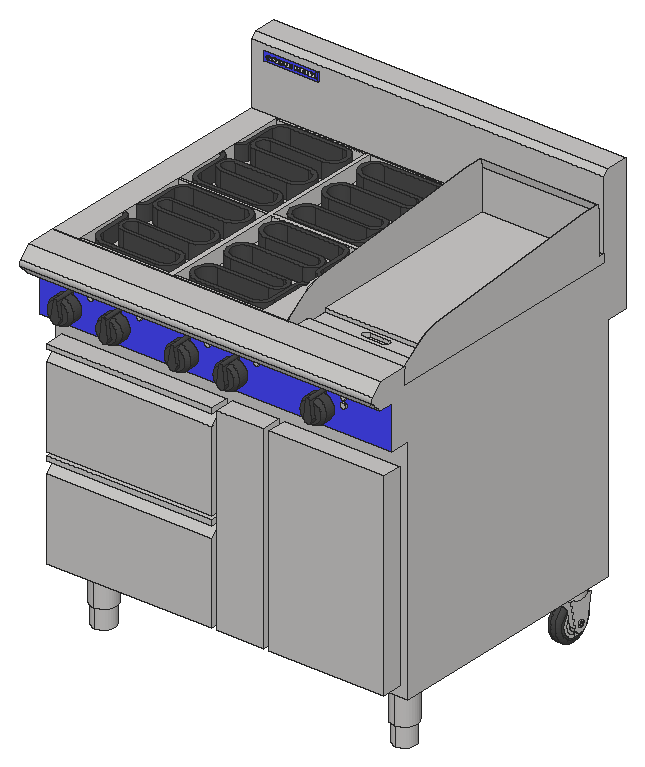
Revit family "QF_MOFFAT_BLUESEAL_CE_E516C-RB", category Specialty Equipment, Revit 2012 (continued)
Definition of nested family "ELECTRIC BURNER 600 & GRIDDLE 300"
  Forms (mm)
    Extrusion 2, solid, material "QF_Finishes_Black"
      sketch origin (0, 15.7, 0) x (0, -1, 0) y (1, 0, 0)
        loop
          line (257.05, 353.788) -> (257.05, 485.763)
          arc (257.05, 485.763) -> (229.35, 513.463) -> (201.65, 485.763) r 27.7
          line (201.65, 485.763) -> (201.65, 353.788)
          arc (201.65, 353.788) -> (173.95, 326.088) -> (146.25, 353.788) r 27.7
          line (146.25, 353.788) -> (146.25, 486.231)
          arc (146.25, 486.231) -> (118.55, 513.931) -> (90.85, 486.231) r 27.7
          line (90.85, 486.231) -> (90.85, 353.788)
          arc (90.85, 353.788) -> (63.15, 326.088) -> (35.45, 353.788) r 27.7
          line (35.45, 353.788) -> (35.45, 486.388)
          arc (35.45, 486.388) -> (42.545, 505.541) -> (61.096, 514.088) r 26.722
          line (61.096, 514.088) -> (132.304, 514.088)
          arc (132.304, 514.088) -> (148.172, 519.952) -> (156.993, 534.388) r 25.79
        loop
          line (469.581, 534.388) -> (459.168, 534.388)
          arc (459.168, 534.388) -> (453.49, 527.036) -> (444.681, 524.088) r 15.973
          line (444.681, 524.088) -> (373.414, 524.088)
          arc (373.414, 524.088) -> (347.849, 512.487) -> (337.95, 486.216) r 36.722
          line (337.95, 486.216) -> (337.95, 353.788)
          arc (337.95, 353.788) -> (375.65, 316.088) -> (413.35, 353.788) r 37.7
          line (413.35, 353.788) -> (413.35, 486.388)
          arc (413.35, 486.388) -> (431.05, 504.088) -> (448.75, 486.388) r 17.7
          line (448.75, 486.388) -> (448.75, 353.788)
          arc (448.75, 353.788) -> (486.45, 316.088) -> (524.15, 353.788) r 37.7
          line (524.15, 353.788) -> (524.15, 486.388)
          arc (524.15, 486.388) -> (541.85, 504.088) -> (559.55, 486.388) r 17.7
          line (559.55, 486.388) -> (559.55, 353.788)
          arc (559.55, 353.788) -> (597.25, 316.088) -> (634.95, 353.788) r 37.7
          line (634.95, 353.788) -> (634.95, 486.216)
          arc (634.95, 486.216) -> (625.051, 512.487) -> (599.486, 524.088) r 36.722
          line (599.486, 524.088) -> (528.207, 524.088)
          arc (528.207, 524.088) -> (519.162, 527.219) -> (513.588, 535) r 15.79
          line (513.588, 535) -> (503.282, 535)
          arc (503.282, 535) -> (511.987, 520.152) -> (528.096, 514.088) r 25.79
          line (528.096, 514.088) -> (599.304, 514.088)
          arc (599.304, 514.088) -> (617.855, 505.541) -> (624.95, 486.388) r 26.722
          line (624.95, 486.388) -> (624.95, 353.788)
          arc (624.95, 353.788) -> (597.25, 326.088) -> (569.55, 353.788) r 27.7
          line (569.55, 353.788) -> (569.55, 485.138)
          arc (569.55, 485.138) -> (541.85, 512.838) -> (514.15, 485.138) r 27.7
          line (514.15, 485.138) -> (514.15, 353.788)
          arc (514.15, 353.788) -> (486.45, 326.088) -> (458.75, 353.788) r 27.7
          line (458.75, 353.788) -> (458.75, 485.138)
          arc (458.75, 485.138) -> (431.05, 512.838) -> (403.35, 485.138) r 27.7
          line (403.35, 485.138) -> (403.35, 353.788)
          arc (403.35, 353.788) -> (375.65, 326.088) -> (347.95, 353.788) r 27.7
          line (347.95, 353.788) -> (347.95, 486.388)
          arc (347.95, 486.388) -> (355.045, 505.541) -> (373.596, 514.088) r 26.722
          line (373.596, 514.088) -> (444.804, 514.088)
          arc (444.804, 514.088) -> (460.695, 519.963) -> (469.581, 534.388) r 25.973
      from 0 to 40
  Lines and regions (mm)
    symbolic lines
      curve 1: line (0, -635, 0) -> (600, -635, 0)
      curve 2: line (0, -635, 0) -> (65.8, -635, 0)
      curve 3: line (65.8, -635, 0) -> (65.8, -320.251, 0)
      curve 4: line (65.8, -320.251, 0) -> (294.362, -320.251, 0)
      curve 5: line (294.362, -634.701, 0) -> (305.638, -634.701, 0)
      curve 6: line (305.638, -320.251, 0) -> (534.388, -320.251, 0)
      curve 7: line (534.388, -320.251, 0) -> (534.388, -635, 0)
      curve 8: line (534.388, -635, 0) -> (600, -635, 0)
      curve 9: line (353.788, -19.75, 0) -> (486.388, -19.75, 0)
      curve 10: arc (486.388, -19.75, 0) -> (505.541, -26.845, 0) -> (514.088, -45.396, 0) r 26.722
      curve 11: line (514.088, -45.396, 0) -> (514.088, -116.604, 0)
      curve 12: arc (514.088, -116.604, 0) -> (519.952, -132.472, 0) -> (534.388, -141.293, 0) r 25.79
      curve 13: line (534.388, -141.293, 0) -> (534.388, -130.9, 0)
      curve 14: arc (534.388, -130.9, 0) -> (527.028, -125.276, 0) -> (524.088, -116.493, 0) r 15.79
      curve 15: line (524.088, -116.493, 0) -> (524.088, -45.214, 0)
      curve 16: arc (524.088, -45.214, 0) -> (512.487, -19.649, 0) -> (486.216, -9.75, 0) r 36.722
      curve 17: line (486.216, -9.75, 0) -> (353.788, -9.75, 0)
      curve 18: arc (353.788, -9.75, 0) -> (316.088, -47.45, 0) -> (353.788, -85.15, 0) r 37.7
      curve 19: line (353.788, -85.15, 0) -> (486.388, -85.15, 0)
      curve 20: arc (486.388, -85.15, 0) -> (504.088, -102.85, 0) -> (486.388, -120.55, 0) r 17.7
      curve 21: line (486.388, -120.55, 0) -> (353.788, -120.55, 0)
      curve 22: arc (353.788, -120.55, 0) -> (316.088, -158.25, 0) -> (353.788, -195.95, 0) r 37.7
      curve 23: line (353.788, -195.95, 0) -> (486.388, -195.95, 0)
      curve 24: arc (486.388, -195.95, 0) -> (504.088, -213.65, 0) -> (486.388, -231.35, 0) r 17.7
      curve 25: line (486.388, -231.35, 0) -> (353.788, -231.35, 0)
      curve 26: arc (353.788, -231.35, 0) -> (316.088, -269.05, 0) -> (353.788, -306.75, 0) r 37.7
      curve 27: line (353.788, -306.75, 0) -> (486.216, -306.75, 0)
      curve 28: arc (486.216, -306.75, 0) -> (512.487, -296.851, 0) -> (524.088, -271.286, 0) r 36.722
      curve 29: line (524.088, -271.286, 0) -> (524.088, -200.019, 0)
      curve 30: arc (524.088, -200.019, 0) -> (527.036, -191.21, 0) -> (534.388, -185.532, 0) r 15.973
      curve 31: line (534.388, -185.532, 0) -> (534.388, -175.119, 0)
      curve 32: arc (534.388, -175.119, 0) -> (519.963, -184.005, 0) -> (514.088, -199.896, 0) r 25.973
      curve 33: line (514.088, -199.896, 0) -> (514.088, -271.104, 0)
      curve 34: arc (514.088, -271.104, 0) -> (505.541, -289.655, 0) -> (486.388, -296.75, 0) r 26.722
      curve 35: line (486.388, -296.75, 0) -> (353.788, -296.75, 0)
      curve 36: arc (353.788, -296.75, 0) -> (326.088, -269.05, 0) -> (353.788, -241.35, 0) r 27.7
      curve 37: line (353.788, -241.35, 0) -> (485.763, -241.35, 0)
      curve 38: arc (485.763, -241.35, 0) -> (513.463, -213.65, 0) -> (485.763, -185.95, 0) r 27.7
      curve 39: line (485.763, -185.95, 0) -> (353.788, -185.95, 0)
      curve 40: arc (353.788, -185.95, 0) -> (326.088, -158.25, 0) -> (353.788, -130.55, 0) r 27.7
      curve 41: line (353.788, -130.55, 0) -> (486.231, -130.55, 0)
      curve 42: arc (486.231, -130.55, 0) -> (513.931, -102.85, 0) -> (486.231, -75.15, 0) r 27.7
      curve 43: line (486.231, -75.15, 0) -> (353.788, -75.15, 0)
      curve 44: arc (353.788, -75.15, 0) -> (326.088, -47.45, 0) -> (353.788, -19.75, 0) r 27.7
      curve 45: line (113.612, -19.75, 0) -> (246.212, -19.75, 0)
      curve 46: arc (246.212, -19.75, 0) -> (273.912, -47.45, 0) -> (246.212, -75.15, 0) r 27.7
      curve 47: line (246.212, -75.15, 0) -> (113.769, -75.15, 0)
      curve 48: arc (113.769, -75.15, 0) -> (86.069, -102.85, 0) -> (113.769, -130.55, 0) r 27.7
      curve 49: line (113.769, -130.55, 0) -> (246.212, -130.55, 0)
      curve 50: arc (246.212, -130.55, 0) -> (273.912, -158.25, 0) -> (246.212, -185.95, 0) r 27.7
      curve 51: line (246.212, -185.95, 0) -> (114.237, -185.95, 0)
      curve 52: arc (114.237, -185.95, 0) -> (86.537, -213.65, 0) -> (114.237, -241.35, 0) r 27.7
      curve 53: line (114.237, -241.35, 0) -> (246.212, -241.35, 0)
      curve 54: arc (246.212, -241.35, 0) -> (273.912, -269.05, 0) -> (246.212, -296.75, 0) r 27.7
      curve 55: line (246.212, -296.75, 0) -> (113.612, -296.75, 0)
      curve 56: arc (113.612, -296.75, 0) -> (94.459, -289.655, 0) -> (85.912, -271.104, 0) r 26.722
      curve 57: line (85.912, -271.104, 0) -> (85.912, -199.896, 0)
      curve 58: arc (85.912, -199.896, 0) -> (80.037, -184.005, 0) -> (65.612, -175.119, 0) r 25.973
      curve 59: line (65.612, -175.119, 0) -> (65.612, -185.532, 0)
      curve 60: arc (65.612, -185.532, 0) -> (72.964, -191.21, 0) -> (75.912, -200.019, 0) r 15.973
      curve 61: line (75.912, -200.019, 0) -> (75.912, -271.286, 0)
      curve 62: arc (75.912, -271.286, 0) -> (87.513, -296.851, 0) -> (113.784, -306.75, 0) r 36.722
      curve 63: line (113.784, -306.75, 0) -> (246.212, -306.75, 0)
      curve 64: arc (246.212, -306.75, 0) -> (283.912, -269.05, 0) -> (246.212, -231.35, 0) r 37.7
      curve 65: line (246.212, -231.35, 0) -> (113.612, -231.35, 0)
      curve 66: arc (113.612, -231.35, 0) -> (95.912, -213.65, 0) -> (113.612, -195.95, 0) r 17.7
      curve 67: line (113.612, -195.95, 0) -> (246.212, -195.95, 0)
      curve 68: arc (246.212, -195.95, 0) -> (283.912, -158.25, 0) -> (246.212, -120.55, 0) r 37.7
      curve 69: line (246.212, -120.55, 0) -> (113.612, -120.55, 0)
      curve 70: arc (113.612, -120.55, 0) -> (95.912, -102.85, 0) -> (113.612, -85.15, 0) r 17.7
      curve 71: line (113.612, -85.15, 0) -> (246.212, -85.15, 0)
      curve 72: arc (246.212, -85.15, 0) -> (283.912, -47.45, 0) -> (246.212, -9.75, 0) r 37.7
      curve 73: line (246.212, -9.75, 0) -> (113.784, -9.75, 0)
      curve 74: arc (113.784, -9.75, 0) -> (87.513, -19.649, 0) -> (75.912, -45.214, 0) r 36.722
      curve 75: line (75.912, -45.214, 0) -> (75.912, -116.493, 0)
      curve 76: arc (75.912, -116.493, 0) -> (72.972, -125.276, 0) -> (65.612, -130.9, 0) r 15.79
      curve 77: line (65.612, -130.9, 0) -> (65.612, -141.293, 0)
      curve 78: arc (65.612, -141.293, 0) -> (80.048, -132.472, 0) -> (85.912, -116.604, 0) r 25.79
      curve 79: line (85.912, -116.604, 0) -> (85.912, -45.396, 0)
      curve 80: arc (85.912, -45.396, 0) -> (94.459, -26.845, 0) -> (113.612, -19.75, 0) r 26.722
      curve 81: line (246.212, -387.65, 0) -> (114.862, -387.65, 0)
      curve 82: arc (114.862, -387.65, 0) -> (87.162, -415.35, 0) -> (114.862, -443.05, 0) r 27.7
      curve 83: line (114.862, -443.05, 0) -> (246.212, -443.05, 0)
      curve 84: arc (246.212, -443.05, 0) -> (273.912, -470.75, 0) -> (246.212, -498.45, 0) r 27.7
      curve 85: line (246.212, -498.45, 0) -> (114.862, -498.45, 0)
      curve 86: arc (114.862, -498.45, 0) -> (87.162, -526.15, 0) -> (114.862, -553.85, 0) r 27.7
      curve 87: line (114.862, -553.85, 0) -> (246.212, -553.85, 0)
      curve 88: arc (246.212, -553.85, 0) -> (273.912, -581.55, 0) -> (246.212, -609.25, 0) r 27.7
      curve 89: line (246.212, -609.25, 0) -> (113.612, -609.25, 0)
      curve 90: arc (113.612, -609.25, 0) -> (94.459, -602.155, 0) -> (85.912, -583.604, 0) r 26.722
      curve 91: line (85.912, -583.604, 0) -> (85.912, -512.396, 0)
      curve 92: arc (85.912, -512.396, 0) -> (79.848, -496.287, 0) -> (65, -487.582, 0) r 25.79
      curve 93: line (65, -487.582, 0) -> (65, -497.888, 0)
      curve 94: arc (65, -497.888, 0) -> (72.781, -503.462, 0) -> (75.912, -512.507, 0) r 15.79
      curve 95: line (75.912, -512.507, 0) -> (75.912, -583.786, 0)
      curve 96: arc (75.912, -583.786, 0) -> (87.513, -609.351, 0) -> (113.784, -619.25, 0) r 36.722
      curve 97: line (113.784, -619.25, 0) -> (246.212, -619.25, 0)
      curve 98: arc (246.212, -619.25, 0) -> (283.912, -581.55, 0) -> (246.212, -543.85, 0) r 37.7
      curve 99: line (246.212, -543.85, 0) -> (113.612, -543.85, 0)
      curve 100: arc (113.612, -543.85, 0) -> (95.912, -526.15, 0) -> (113.612, -508.45, 0) r 17.7
      curve 101: line (113.612, -508.45, 0) -> (246.212, -508.45, 0)
      curve 102: arc (246.212, -508.45, 0) -> (283.912, -470.75, 0) -> (246.212, -433.05, 0) r 37.7
      curve 103: line (246.212, -433.05, 0) -> (113.612, -433.05, 0)
      curve 104: arc (113.612, -433.05, 0) -> (95.912, -415.35, 0) -> (113.612, -397.65, 0) r 17.7
      curve 105: line (113.612, -397.65, 0) -> (246.212, -397.65, 0)
      curve 106: arc (246.212, -397.65, 0) -> (283.912, -359.95, 0) -> (246.212, -322.25, 0) r 37.7
      curve 107: line (246.212, -322.25, 0) -> (113.784, -322.25, 0)
      curve 108: arc (113.784, -322.25, 0) -> (87.513, -332.149, 0) -> (75.912, -357.714, 0) r 36.722
      curve 109: line (75.912, -357.714, 0) -> (75.912, -428.981, 0)
      curve 110: arc (75.912, -428.981, 0) -> (72.964, -437.79, 0) -> (65.612, -443.468, 0) r 15.973
      curve 111: line (65.612, -443.468, 0) -> (65.612, -453.881, 0)
      curve 112: arc (65.612, -453.881, 0) -> (80.037, -444.995, 0) -> (85.912, -429.104, 0) r 25.973
      curve 113: line (85.912, -429.104, 0) -> (85.912, -357.896, 0)
      curve 114: arc (85.912, -357.896, 0) -> (94.459, -339.345, 0) -> (113.612, -332.25, 0) r 26.722
      curve 115: line (113.612, -332.25, 0) -> (246.212, -332.25, 0)
      curve 116: arc (246.212, -332.25, 0) -> (273.912, -359.95, 0) -> (246.212, -387.65, 0) r 27.7
      curve 117: line (353.788, -397.65, 0) -> (486.388, -397.65, 0)
      curve 118: arc (486.388, -397.65, 0) -> (504.088, -415.35, 0) -> (486.388, -433.05, 0) r 17.7
      curve 119: line (486.388, -433.05, 0) -> (353.788, -433.05, 0)
      curve 120: arc (353.788, -433.05, 0) -> (316.088, -470.75, 0) -> (353.788, -508.45, 0) r 37.7
      curve 121: line (353.788, -508.45, 0) -> (486.388, -508.45, 0)
      curve 122: arc (486.388, -508.45, 0) -> (504.088, -526.15, 0) -> (486.388, -543.85, 0) r 17.7
      curve 123: line (486.388, -543.85, 0) -> (353.788, -543.85, 0)
      curve 124: arc (353.788, -543.85, 0) -> (316.088, -581.55, 0) -> (353.788, -619.25, 0) r 37.7
      curve 125: line (353.788, -619.25, 0) -> (486.216, -619.25, 0)
      curve 126: arc (486.216, -619.25, 0) -> (512.487, -609.351, 0) -> (524.088, -583.786, 0) r 36.722
      curve 127: line (524.088, -583.786, 0) -> (524.088, -512.507, 0)
      curve 128: arc (524.088, -512.507, 0) -> (527.219, -503.462, 0) -> (535, -497.888, 0) r 15.79
      curve 129: line (535, -497.888, 0) -> (535, -487.582, 0)
      curve 130: arc (535, -487.582, 0) -> (520.152, -496.287, 0) -> (514.088, -512.396, 0) r 25.79
      curve 131: line (514.088, -512.396, 0) -> (514.088, -583.604, 0)
      curve 132: arc (514.088, -583.604, 0) -> (505.541, -602.155, 0) -> (486.388, -609.25, 0) r 26.722
      curve 133: line (486.388, -609.25, 0) -> (353.788, -609.25, 0)
      curve 134: arc (353.788, -609.25, 0) -> (326.088, -581.55, 0) -> (353.788, -553.85, 0) r 27.7
      curve 135: line (353.788, -553.85, 0) -> (485.138, -553.85, 0)
      curve 136: arc (485.138, -553.85, 0) -> (512.838, -526.15, 0) -> (485.138, -498.45, 0) r 27.7
      curve 137: line (485.138, -498.45, 0) -> (353.788, -498.45, 0)
      curve 138: arc (353.788, -498.45, 0) -> (326.088, -470.75, 0) -> (353.788, -443.05, 0) r 27.7
      curve 139: line (353.788, -443.05, 0) -> (485.138, -443.05, 0)
      curve 140: arc (485.138, -443.05, 0) -> (512.838, -415.35, 0) -> (485.138, -387.65, 0) r 27.7
      curve 141: line (485.138, -387.65, 0) -> (353.788, -387.65, 0)
      curve 142: arc (353.788, -387.65, 0) -> (326.088, -359.95, 0) -> (353.788, -332.25, 0) r 27.7
      curve 143: line (353.788, -332.25, 0) -> (486.388, -332.25, 0)
      curve 144: arc (486.388, -332.25, 0) -> (505.541, -339.345, 0) -> (514.088, -357.896, 0) r 26.722
      curve 145: line (514.088, -357.896, 0) -> (514.088, -429.104, 0)
      curve 146: arc (514.088, -429.104, 0) -> (519.963, -444.995, 0) -> (534.388, -453.881, 0) r 25.973
      curve 147: line (534.388, -453.881, 0) -> (534.388, -443.468, 0)
      curve 148: arc (534.388, -443.468, 0) -> (527.036, -437.79, 0) -> (524.088, -428.981, 0) r 15.973
      curve 149: line (524.088, -428.981, 0) -> (524.088, -357.714, 0)
      curve 150: arc (524.088, -357.714, 0) -> (512.487, -332.149, 0) -> (486.216, -322.25, 0) r 36.722
      curve 151: line (486.216, -322.25, 0) -> (353.788, -322.25, 0)
      curve 152: arc (353.788, -322.25, 0) -> (316.088, -359.95, 0) -> (353.788, -397.65, 0) r 37.7
      curve 153: line (0, 0, 0) -> (0, -635, 0)
      curve 154: line (0, -635, 0) -> (600, -635, 0)
      curve 155: line (600, -635, 0) -> (600, 0, 0)
      curve 156: line (600, 0, 0) -> (0, 0, 0)
      curve 157: line (65.8, -320.251, 0) -> (294.362, -320.251, 0)
      curve 158: line (294.362, -320.251, 0) -> (294.362, -630, 0)
      curve 159: line (294.362, -630, 0) -> (65.8, -630, 0)
      curve 160: line (65.8, -630, 0) -> (65.8, -320.251, 0)
      curve 161: line (305.638, -320.251, 0) -> (534.388, -320.251, 0)
      curve 162: line (534.388, -320.251, 0) -> (534.388, -630, 0)
      curve 163: line (534.388, -630, 0) -> (305.638, -630, 0)
      curve 164: line (305.638, -630, 0) -> (305.638, -320.251, 0)
      curve 165: line (305.638, -312.651, 0) -> (305.638, -5, 0)
      curve 166: line (305.638, -5, 0) -> (534.388, -5, 0)
      curve 167: line (534.388, -5, 0) -> (534.388, -312.651, 0)
      curve 168: line (534.388, -312.651, 0) -> (305.638, -312.651, 0)
      curve 169: line (65.8, -312.651, 0) -> (65.8, -5, 0)
      curve 170: line (65.8, -5, 0) -> (294.362, -5, 0)
      curve 171: line (294.362, -5, 0) -> (294.362, -312.651, 0)
      curve 172: line (294.362, -312.651, 0) -> (65.8, -312.651, 0)
  Dimensions and locks
    equal spacing: plane 3 "LEFT", plane 7 "Center Y", plane 4 "RIGHT"
    "Width": plane 3 "LEFT" to plane 4 "RIGHT"
    equal spacing: plane 5 "FRONT", plane 8 "Center X", plane 1 "BACK"
    "Depth": plane 5 "FRONT" to plane 1 "BACK"
    aligned and locked: level to plane 2
  Automatic sketch dimensions
    curve 10 to curve 16 = 0 mm  (x2)
    curve 12 to curve 14 = 0 mm  (x2)
    curve 18 to curve 44 = 0 mm  (x2)
    curve 22 to curve 40 = 0 mm  (x2)
    curve 26 to curve 36 = 0 mm  (x2)
    curve 28 to curve 34 = 0 mm  (x2)
    curve 30 to curve 32 = 0 mm  (x2)
    curve 46 to curve 72 = 0 mm  (x2)
    curve 50 to curve 68 = 0 mm  (x2)
    curve 54 to curve 64 = 0 mm  (x2)
    curve 56 to curve 62 = 0 mm  (x2)
    curve 58 to curve 60 = 0 mm  (x2)
    curve 74 to curve 80 = 0 mm  (x2)
    curve 76 to curve 78 = 0 mm  (x2)
    curve 84 to curve 102 = 0 mm  (x2)
    curve 88 to curve 98 = 0 mm  (x2)
    curve 90 to curve 96 = 0 mm  (x2)
    curve 92 to curve 94 = 0 mm  (x2)
    curve 106 to curve 116 = 0 mm  (x2)
    curve 108 to curve 114 = 0 mm  (x2)
    curve 110 to curve 112 = 0 mm  (x2)
    curve 120 to curve 138 = 0 mm  (x2)
    curve 124 to curve 134 = 0 mm  (x2)
    curve 126 to curve 132 = 0 mm  (x2)
    curve 128 to curve 130 = 0 mm  (x2)
    curve 142 to curve 152 = 0 mm  (x2)
    curve 144 to curve 150 = 0 mm  (x2)
    curve 146 to curve 148 = 0 mm  (x2)
    curve 154 to plane 3 "LEFT" = 0 mm
    plane 5 "FRONT" to curve 1 = 0 mm
    plane 1 "BACK" to curve 155 = 0 mm
    plane 3 "LEFT" to curve 110 = 59.946 mm
    plane 3 "LEFT" to curve 60 = 59.946 mm
    plane 3 "LEFT" to curve 78 = 60.128 mm
    plane 3 "LEFT" to curve 94 = 60.128 mm
    curve 92 to curve 94 = 4.872 mm
    curve 76 to curve 77 = 5.484 mm
    curve 110 to curve 112 = 5.667 mm
    curve 58 to curve 60 = 5.667 mm
    plane 8 "Center X" to curve 172 = 4.849 mm
    plane 3 "LEFT" to curve 172 = 65.8 mm
    curve 92 to curve 94 = 15.784 mm
    curve 169 to curve 74 = 10.112 mm
    curve 159 to curve 96 = 10.112 mm
    curve 169 to curve 61 = 10.112 mm
    curve 110 to curve 110 = 15.967 mm
    curve 60 to curve 57 = 10 mm
    curve 110 to curve 112 = 10 mm
    curve 74 to curve 80 = 10 mm
    curve 95 to curve 90 = 10 mm
    curve 113 to curve 114 = 26.701 mm
    curve 91 to curve 96 = 26.701 mm
    curve 57 to curve 56 = 26.701 mm
    curve 91 to curve 101 = 27.7 mm
    curve 74 to curve 71 = 0.999 mm
    curve 56 to curve 65 = 0.999 mm
    curve 112 to curve 103 = 27.7 mm
    curve 74 to curve 80 = 0.999 mm
    curve 108 to curve 114 = 0.999 mm
    curve 56 to curve 55 = 0.999 mm
    curve 90 to curve 90 = 0.999 mm
    curve 69 to curve 48 = 0.156 mm
    curve 89 to curve 97 = 0.172 mm
    curve 55 to curve 63 = 0.172 mm
    curve 45 to curve 73 = 0.172 mm
    curve 108 to plane 8 "Center X" = 4.75 mm
    curve 115 to curve 108 = 0.172 mm
    curve 66 to curve 52 = 0.625 mm
    curve 99 to curve 87 = 1.25 mm
    curve 104 to curve 82 = 1.25 mm
    curve 89 to plane 5 "FRONT" = 25.75 mm
    curve 89 to curve 89 = 132.6 mm
    curve 55 to curve 54 = 132.6 mm
    curve 51 to curve 64 = 0 mm
    curve 47 to curve 68 = 0 mm
    curve 101 to curve 99 = 0 mm
    curve 105 to curve 103 = 0 mm
    curve 64 to curve 171 = 48.15 mm
    curve 4 to plane 8 "Center X" = 2.751 mm
    curve 4 to curve 171 = 0 mm
    curve 5 to plane 5 "FRONT" = 0.299 mm
    curve 5 to curve 158 = 0 mm
    plane 8 "Center X" to curve 168 = 4.849 mm
    plane 1 "BACK" to curve 165 = 5 mm
    curve 170 to curve 165 = 11.275 mm
    curve 164 to plane 8 "Center X" = 2.751 mm
    curve 164 to curve 165 = 0 mm
    curve 5 to curve 163 = 0 mm
    curve 165 to curve 44 = 48.15 mm
    curve 163 to curve 134 = 48.15 mm
    curve 6 to curve 152 = 48.15 mm
    curve 137 to curve 124 = 0 mm
    curve 41 to curve 18 = 0 mm
    curve 37 to curve 22 = 0 mm
    plane 7 "Center Y" to curve 136 = 35.138 mm
    plane 7 "Center Y" to curve 139 = 35.138 mm
    plane 7 "Center Y" to curve 39 = 35.763 mm
    plane 1 "BACK" to curve 16 = 9.75 mm
    plane 7 "Center Y" to curve 16 = 36.216 mm
    curve 151 to plane 8 "Center X" = 4.75 mm
    curve 27 to curve 150 = 0 mm
    curve 126 to plane 5 "FRONT" = 15.75 mm
    plane 7 "Center Y" to curve 126 = 36.216 mm
    curve 140 to curve 119 = 1.25 mm
    curve 137 to curve 122 = 1.25 mm
    curve 150 to curve 143 = 0.172 mm
    curve 42 to curve 20 = 0.156 mm
    curve 39 to curve 24 = 0.625 mm
    curve 27 to curve 35 = 0.172 mm
    curve 16 to curve 10 = 0.172 mm
    curve 125 to curve 132 = 0.172 mm
    curve 143 to curve 144 = 0.999 mm
    curve 132 to curve 132 = 0.999 mm
    curve 10 to curve 16 = 0.999 mm
    curve 34 to curve 28 = 0.999 mm
    curve 28 to curve 33 = 26.701 mm
    curve 121 to curve 130 = 27.7 mm
    curve 20 to curve 12 = 27.7 mm
    curve 119 to curve 146 = 27.7 mm
    curve 10 to curve 10 = 26.701 mm
    curve 145 to curve 149 = 10 mm
    curve 131 to curve 126 = 10 mm
    curve 33 to curve 29 = 10 mm
    curve 10 to curve 16 = 10 mm
    curve 15 to curve 167 = 10.3 mm
    curve 14 to curve 13 = 10.3 mm
    curve 125 to curve 8 = 48.172 mm
    curve 29 to curve 31 = 10.3 mm
    curve 148 to curve 148 = 10.3 mm
    curve 127 to curve 130 = 10.912 mm
    curve 127 to curve 130 = 15.784 mm
    curve 13 to curve 14 = 5.484 mm
    curve 148 to curve 148 = 15.967 mm
    curve 29 to curve 32 = 15.967 mm
    curve 7 to curve 154 = 65.612 mm
    curve 162 to plane 5 "FRONT" = 5 mm
    curve 5 to curve 159 = 4.701 mm
    curve 125 to curve 134 = 10 mm
    curve 90 to curve 95 = 25.464 mm
    curve 132 to curve 126 = 25.464 mm
    curve 133 to curve 124 = 27.7 mm
    curve 89 to curve 88 = 27.7 mm
    curve 99 to curve 100 = 17.7 mm
    curve 123 to curve 136 = 17.7 mm
    curve 136 to curve 122 = 0 mm
    curve 100 to curve 86 = 0 mm
    curve 128 to curve 122 = 4.457 mm
    curve 94 to curve 100 = 4.457 mm
    curve 92 to curve 95 = 0.4 mm
    curve 128 to curve 127 = 0.4 mm
    curve 127 to curve 131 = 0.111 mm
    curve 94 to curve 91 = 0.111 mm
    curve 137 to curve 138 = 27.7 mm
    curve 93 to curve 112 = 33.7 mm
    curve 146 to curve 148 = 10.413 mm
    curve 112 to curve 110 = 10.413 mm
    curve 147 to curve 140 = 0.418 mm
    curve 83 to curve 103 = 10 mm
    curve 148 to curve 146 = 14.364 mm
    curve 110 to curve 112 = 14.364 mm
    curve 103 to curve 82 = 17.7 mm
    curve 119 to curve 118 = 17.7 mm
    curve 140 to curve 118 = 0 mm
    curve 104 to curve 82 = 0 mm
    curve 116 to curve 116 = 27.7 mm
    curve 144 to curve 145 = 1.058 mm
    curve 114 to curve 108 = 0.182 mm
    curve 144 to curve 149 = 0.182 mm
    plane 8 "Center X" to curve 27 = 10.75 mm
    plane 8 "Center X" to curve 62 = 10.75 mm
    curve 63 to curve 54 = 10 mm
    curve 27 to curve 36 = 10 mm
    curve 35 to curve 26 = 27.7 mm
    curve 54 to curve 54 = 27.7 mm
    curve 56 to curve 52 = 28.696 mm
    curve 28 to curve 38 = 28.696 mm
    curve 65 to curve 66 = 17.7 mm
    curve 25 to curve 38 = 17.7 mm
    curve 38 to curve 24 = 0 mm
    curve 66 to curve 52 = 0 mm
    curve 30 to curve 24 = 4.516 mm
    curve 58 to curve 66 = 4.516 mm
    curve 58 to curve 61 = 0.447 mm
    curve 30 to curve 29 = 0.447 mm
    curve 60 to curve 57 = 0.123 mm
    curve 29 to curve 32 = 0.123 mm
    curve 50 to curve 68 = 27.7 mm
    curve 58 to curve 77 = 33.826 mm
    curve 77 to curve 76 = 10.393 mm
    curve 12 to curve 14 = 10.393 mm
    curve 13 to curve 42 = 0.35 mm
    curve 76 to curve 79 = 14.296 mm
    curve 13 to curve 12 = 14.296 mm
    curve 20 to curve 42 = 17.7 mm
    curve 69 to curve 70 = 17.7 mm
    curve 42 to curve 20 = 0 mm
    curve 70 to curve 48 = 0 mm
    curve 43 to curve 18 = 27.7 mm
    curve 46 to curve 46 = 27.7 mm
    curve 74 to curve 79 = 1.058 mm
    curve 11 to curve 16 = 0.182 mm
    curve 79 to curve 75 = 0.182 mm
    plane 1 "BACK" to curve 171 = 5 mm
    plane 1 "BACK" to Extrusion 1 sketch curve = 0 mm
    Extrusion 1 sketch curve to plane 9 = 0 mm  (x2)
    Extrusion 1 sketch curve to plane 3 "LEFT" = 0 mm
    plane 5 "FRONT" to Extrusion 1 sketch curve = 0 mm
    plane 1 "BACK" to Extrusion 1 sketch curve = 5 mm  (x2)
    plane 8 "Center X" to Extrusion 1 sketch curve = 4.849 mm  (x2)
    Extrusion 1 sketch curve to plane 8 "Center X" = 2.751 mm  (x2)
    Extrusion 1 sketch curve to plane 5 "FRONT" = 5 mm  (x2)
    Extrusion 1 sketch curve to plane 7 "Center Y" = 155.638 mm
    Extrusion 1 sketch curve to Extrusion 1 sketch curve = 0 mm  (x3)
    Extrusion 1 sketch curve to Extrusion 1 sketch curve = 11.275 mm
    plane 7 "Center Y" to Extrusion 1 sketch curve = 84.388 mm
    Extrusion 1 sketch curve to Extrusion 1 sketch curve = 65.612 mm
    Extrusion 2 sketch curve to Extrusion 2 sketch curve = 0 mm  (x72)
    plane 1 "BACK" to Extrusion 2 sketch curve = 9.75 mm  (x2)
    Extrusion 2 sketch curve to Extrusion 2 sketch curve = 10 mm  (x4)
    plane 1 "BACK" to Extrusion 2 sketch curve = 45.214 mm  (x2)
    Extrusion 2 sketch curve to Extrusion 2 sketch curve = 0.182 mm  (x8)
    Extrusion 2 sketch curve to Extrusion 2 sketch curve = 26.704 mm  (x7)
    Extrusion 2 sketch curve to Extrusion 2 sketch curve = 1.058 mm  (x5)
    Extrusion 2 sketch curve to Extrusion 2 sketch curve = 27.7 mm  (x14)
    Extrusion 2 sketch curve to Extrusion 2 sketch curve = 17.7 mm  (x8)
    Extrusion 2 sketch curve to Extrusion 2 sketch curve = 4.457 mm  (x2)
    Extrusion 2 sketch curve to Extrusion 2 sketch curve = 0.4 mm  (x3)
    Extrusion 2 sketch curve to Extrusion 2 sketch curve = 0.111 mm  (x4)
    Extrusion 2 sketch curve to Extrusion 2 sketch curve = 14.806 mm  (x2)
    Extrusion 2 sketch curve to Extrusion 2 sketch curve = 10.393 mm  (x2)
    Extrusion 2 sketch curve to Extrusion 2 sketch curve = 33.826 mm  (x2)
    Extrusion 2 sketch curve to Extrusion 2 sketch curve = 10.413 mm  (x4)
    Extrusion 2 sketch curve to Extrusion 2 sketch curve = 14.364 mm  (x2)
    Extrusion 2 sketch curve to Extrusion 2 sketch curve = 0.123 mm  (x4)
    Extrusion 2 sketch curve to Extrusion 2 sketch curve = 0.447 mm  (x3)
    Extrusion 2 sketch curve to Extrusion 2 sketch curve = 14.934 mm  (x3)
    Extrusion 2 sketch curve to plane 8 "Center X" = 4.75 mm  (x2)
    Extrusion 2 sketch curve to plane 8 "Center X" = 40.214 mm  (x2)
    Extrusion 2 sketch curve to Extrusion 2 sketch curve = 4.516 mm  (x2)
    Extrusion 2 sketch curve to Extrusion 2 sketch curve = 33.7 mm  (x2)
    Extrusion 2 sketch curve to Extrusion 2 sketch curve = 10.306 mm  (x2)
    Extrusion 2 sketch curve to Extrusion 2 sketch curve = 14.508 mm  (x2)
    Extrusion 2 sketch curve to Extrusion 2 sketch curve = 15.019 mm
    plane 3 "LEFT" to Extrusion 2 sketch curve = 59.946 mm  (x2)
    plane 3 "LEFT" to Extrusion 2 sketch curve = 60.128 mm  (x2)
    Extrusion 2 sketch curve to Extrusion 2 sketch curve = 4.872 mm
    Extrusion 2 sketch curve to Extrusion 2 sketch curve = 5.667 mm  (x2)
    Extrusion 2 sketch curve to Extrusion 2 sketch curve = 5.484 mm
    Extrusion 2 sketch curve to Extrusion 2 sketch curve = 26.701 mm  (x4)
    Extrusion 2 sketch curve to Extrusion 2 sketch curve = 0.999 mm  (x6)
    Extrusion 2 sketch curve to Extrusion 2 sketch curve = 0.156 mm  (x2)
    Extrusion 2 sketch curve to Extrusion 2 sketch curve = 0.625 mm  (x2)
    Extrusion 2 sketch curve to Extrusion 2 sketch curve = 1.25 mm  (x4)
    Extrusion 2 sketch curve to Extrusion 2 sketch curve = 132.6 mm
    Extrusion 2 sketch curve to Extrusion 2 sketch curve = 132.428 mm
    Extrusion 2 sketch curve to plane 7 "Center Y" = 96.212 mm  (x3)
    plane 7 "Center Y" to Extrusion 2 sketch curve = 35.138 mm  (x2)
    plane 7 "Center Y" to Extrusion 2 sketch curve = 35.763 mm
    plane 7 "Center Y" to Extrusion 2 sketch curve = 36.216 mm  (x3)
    plane 7 "Center Y" to Extrusion 2 sketch curve = 36.231 mm
    Extrusion 2 sketch curve to Extrusion 2 sketch curve = 0.172 mm  (x4)
  Nested families
    nested 1: "ELECTRIC GRIDDLE PLATE 300" at (600, -15, 0), type "ELECTRIC GRIDDLE PLATE 300"
      with Width 300 mm, Type Mark "", Status "", Specification by User "", Show Clearance yes, Revision Code "", Number of Poles 1, Mechanical Remarks "", Mechanical Connection Type "", Item Number "", Installed By "", Identify Quantity as Lot yes, Gas RI Height 0 mm, Gas KW 0, Gas Input 0.0 Btu/h, Furnished By "", Foodservice Equipment Identifier yes, Electrical Remarks "", Electric Connection Type "", Elec Conn RI Height 0 mm, Elec Conn Connection Height 0 mm, Depth 620 mm
  Definition of nested family "ELECTRIC GRIDDLE PLATE 300"
    Parameters (values of type "ELECTRIC GRIDDLE PLATE 300")
      Width [instance] = 300 mm
      Weight in Pounds = 0
      Watts = 0 W
      Volts = 0 V
      URL Cutsheet = ""
      Type Mark [instance] = ""
      Status [instance] = ""
      Specification by User [instance] = ""
      Specification by Manufacturer = ""
      Show Clearance [instance] = yes
      Serial Number = ""
      Seismic Rating = ""
      SMACNA No = ""
      Revision Code [instance] = ""
      Phase = 1
      Omniclass Number and Title = ""
      Number of Poles [instance] = 1
      NAFEM Spec ID Number = ""
      Min Ckt Ampacity = 0 A
      Mechanical Remarks [instance] = ""
      Mechanical Connection Type [instance] = ""
      Max Overcurrent Protection = 0 A
      Masterspec = ""
      Item Number [instance] = ""
      Installed By [instance] = ""
      Identify Quantity as Lot [instance] = yes
      HP = ""
      Gas Size = 0"
      Gas RI Height [instance] = 0 mm
      Gas KW [instance] = 0
      Gas Input [instance] = 0.0 Btu/h
      Gas Connection Height = 0 mm
      Furnished By [instance] = ""
      Foodservice Equipment Identifier [instance] = yes
      FL Amps = 0 A
      Electrical Remarks [instance] = ""
      Electric Connection Type [instance] = ""
      Elec Conn RI Height [instance] = 0 mm
      Elec Conn Connection Height [instance] = 0 mm
      Depth [instance] = 620 mm
      Cycle = 0 Hz
      Conn Plug = ""
      Conn Conduit = yes
      CSI MasterFormat = ""
      CSI Master Format = ""
      Apparent Power = if(Phase = 3, Volts * FL Amps * 1.73, Volts * FL Amps)  # 0 VA
    Reference planes
      plane 1 "BACK": y = 0
      plane 2: z = 0
      plane 3 "LEFT": x = 0
      plane 4 "RIGHT": x = 300
      plane 5 "FRONT": y = -620
      plane 6 "TOP": z = 142.5
      plane 7 "Center Y": x = 150
      plane 8 "Center X": y = -310
      plane 9: y = -530.997
      plane 10: y = -541.497
      plane 11: y = -503.25
      plane 12: y = -557.737
    Forms (mm)
      Extrusion 1, solid, material "QF_Finishes_Stainless Steel"
        sketch origin (0, 70.003, -874.5) x (0, 1, 0) y (0, 0, 1)
          loop
            line (-70, 875) -> (-70, 997.489) -> (-75.228, 1017) -> (-117.24, 1017) -> (-589.533, 971.523)
            arc (-589.533, 971.523) -> (-614.56, 965.803) -> (-637.306, 953.899) r 100
            line (-637.306, 953.899) -> (-690.003, 917) -> (-690.003, 875) -> (-70, 875)
        from 0 to 1.8
      Extrusion 2, solid, material "QF_Finishes_Stainless Steel"
        sketch origin (600, 70.003, -874.5) x (0, -1, 0) y (0, 0, 1)
          loop
            line (70, 875) -> (690.003, 875) -> (690.003, 917) -> (637.306, 953.899)
            arc (637.306, 953.899) -> (614.56, 965.803) -> (589.533, 971.523) r 100
            line (589.533, 971.523) -> (117.24, 1017) -> (75.228, 1017) -> (70, 997.489) -> (70, 875)
        from 300 to 301.2
      Extrusion 3, solid, material "QF_Finishes_Stainless Steel"
        sketch origin (150, 70.003, -874.5) x (0, 1, 0) y (0, 0, 1)
          loop
            line (-55, 895) -> (-573.253, 895) -> (-573.253, 884.5) -> (-627.74, 884.5) -> (-627.74, 895) -> (-690.003, 895) -> (-690.003, 875) -> (-55, 875) -> (-55, 895)
        from -150 to 150
      Extrusion 4, void
        sketch origin (150, -541.497, 10) x (0, -1, 0) y (1, 0, 0)
          loop
            arc (-7.497, 25) -> (-17.497, 35) -> (-27.497, 25) r 10
            line (-27.497, 25) -> (-27.497, -25)
            arc (-27.497, -25) -> (-17.497, -35) -> (-7.497, -25) r 10
            line (-7.497, -25) -> (-7.497, 25)
        from -41.4 to 40.142
      Extrusion 5, solid, material "QF_Finishes_Stainless Steel"
        sketch origin (0, 70.003, -874.5) x (0, 1, 0) y (0, 0, 1)
          loop
            line (-70, 875) -> (-70, 997.489) -> (-75.228, 1017) -> (-76.884, 1017) -> (-71.6, 997.278) -> (-71.6, 875) -> (-70, 875)
        from 0 to 298.8
    Cuts and joins
      Extrusion 4 cuts Extrusion 3
      joined: Extrusion 1, Extrusion 2, Extrusion 3, Extrusion 5
    Lines and regions (mm)
      symbolic lines
        curve 1: line (300, -503.25, 0) -> (1.8, -503.25, 0)
        curve 2: line (1.8, -557.737, 0) -> (300, -557.737, 0)
        curve 3: line (0, -1.68, 0) -> (300, -1.68, 0)
        curve 4: line (0, -620, 0) -> (300, -620, 0)
        curve 5: arc (175, -534, 0) -> (185, -524, 0) -> (175, -514, 0) r 10
        curve 6: line (175, -514, 0) -> (125, -514, 0)
        curve 7: arc (125, -514, 0) -> (115, -524, 0) -> (125, -534, 0) r 10
        curve 8: line (125, -534, 0) -> (175, -534, 0)
        curve 9: line (300, 15.003, 0) -> (0, 15.003, 0)
        curve 10: line (300, -620, 0) -> (300, 15.003, 0)
        curve 11: line (0, 15.003, 0) -> (0, -620, 0)
    Dimensions and locks
      equal spacing: plane 3 "LEFT", plane 7 "Center Y", plane 4 "RIGHT"
      "Width": plane 3 "LEFT" to plane 4 "RIGHT"
      equal spacing: plane 5 "FRONT", plane 8 "Center X", plane 1 "BACK"
      "Depth": plane 5 "FRONT" to plane 1 "BACK"
      locked: Extrusion 2 to Extrusion 2 at 1.2
      equal spacing: Extrusion 4 sketch curve, plane 7 "Center Y", Extrusion 4 sketch curve, locked at 35 each
      aligned and locked: level to plane 2
      aligned and locked: Extrusion 2 to plane 4 "RIGHT"
      aligned and locked: curve 1 to plane 11
      aligned and locked: plane 12 to curve 2
      aligned and locked: Extrusion 5 to cut or joined group of Extrusion 1, Extrusion 2, Extrusion 3, Extrusion 4, Extrusion 5
      aligned and locked: cut or joined group of Extrusion 1, Extrusion 2, Extrusion 3, Extrusion 4, Extrusion 5 to plane 3 "LEFT"
    Automatic sketch dimensions
      plane 11 to curve 6 = 10.75 mm
      curve 6 to plane 7 "Center Y" = 25 mm
      plane 7 "Center Y" to curve 5 = 25 mm
      curve 8 to curve 5 = 20 mm
      Extrusion 1 sketch curve to plane 5 "FRONT" = 0 mm
      Extrusion 1 sketch curve to plane 6 "TOP" = 0 mm
      plane 12 to Extrusion 1 sketch curve = 9.566 mm
      plane 11 to Extrusion 1 sketch curve = 16.28 mm
      Extrusion 1 sketch curve to level = 2.516 mm
      plane 11 to Extrusion 1 sketch curve = 6.695 mm
      plane 1 "BACK" to Extrusion 1 sketch curve = 47.237 mm
      plane 1 "BACK" to Extrusion 1 sketch curve = 5.225 mm
      Extrusion 1 sketch curve to plane 1 "BACK" = 0.003 mm
      level to Extrusion 1 sketch curve = 0.5 mm
      Extrusion 1 sketch curve to Extrusion 1 sketch curve = 42 mm
      Extrusion 1 sketch curve to plane 6 "TOP" = 63.101 mm
      Extrusion 1 sketch curve to plane 6 "TOP" = 19.511 mm
      Extrusion 2 sketch curve to plane 6 "TOP" = 0 mm
      Extrusion 2 sketch curve to plane 5 "FRONT" = 0 mm
      plane 12 to Extrusion 2 sketch curve = 9.566 mm
      plane 11 to Extrusion 2 sketch curve = 16.28 mm
      Extrusion 2 sketch curve to level = 2.516 mm
      plane 11 to Extrusion 2 sketch curve = 6.695 mm
      plane 1 "BACK" to Extrusion 2 sketch curve = 47.237 mm
      plane 1 "BACK" to Extrusion 2 sketch curve = 5.225 mm
      Extrusion 2 sketch curve to plane 1 "BACK" = 0.003 mm
      level to Extrusion 2 sketch curve = 0.5 mm
      Extrusion 2 sketch curve to Extrusion 2 sketch curve = 42 mm
      Extrusion 2 sketch curve to plane 6 "TOP" = 63.101 mm
      Extrusion 2 sketch curve to plane 6 "TOP" = 19.511 mm
      Extrusion 3 sketch curve to plane 5 "FRONT" = 0 mm
      Extrusion 3 sketch curve to plane 12 = 0 mm
      Extrusion 3 sketch curve to plane 11 = 0 mm
      Extrusion 3 sketch curve to plane 1 "BACK" = 15.003 mm
      level to Extrusion 3 sketch curve = 0.5 mm
      level to Extrusion 3 sketch curve = 10 mm
      Extrusion 3 sketch curve to Extrusion 3 sketch curve = 10.5 mm  (x2)
      plane 11 to Extrusion 4 sketch curve = 10.75 mm
      Extrusion 4 sketch curve to Extrusion 4 sketch curve = 10 mm
      Extrusion 4 sketch curve to plane 7 "Center Y" = 25 mm
      plane 1 "BACK" to Extrusion 5 sketch curve = 5.225 mm
      Extrusion 5 sketch curve to plane 1 "BACK" = 0.003 mm
      Extrusion 5 sketch curve to plane 6 "TOP" = 19.511 mm
      Extrusion 5 sketch curve to Extrusion 5 sketch curve = 1.6 mm
      Extrusion 5 sketch curve to Extrusion 5 sketch curve = 0.211 mm
      Extrusion 5 sketch curve to plane 6 "TOP" = 0 mm
      Extrusion 5 sketch curve to Extrusion 5 sketch curve = 1.656 mm
      level to Extrusion 5 sketch curve = 0.5 mm
      plane 4 "RIGHT" to curve 3 = 0 mm
      plane 4 "RIGHT" to curve 2 = 0 mm
      plane 4 "RIGHT" to curve 9 = 0 mm
      plane 4 "RIGHT" to curve 1 = 0 mm
      plane 5 "FRONT" to curve 11 = 0 mm
      plane 3 "LEFT" to curve 2 = 1.8 mm
      plane 3 "LEFT" to curve 9 = 0 mm
      plane 3 "LEFT" to curve 1 = 1.8 mm
      curve 11 to plane 1 "BACK" = 15.003 mm
      plane 1 "BACK" to curve 3 = 1.68 mm
Definition of nested family "ELECTRICAL CONNECTION 2"
  Parameters (values of type "ELECTRICAL CONNECTION 2")
    Weight in Pounds = 0
    Watts = if(Phase = 3, Volts * FL Amps * 1.73, Volts * FL Amps)  # 414 W
    Volts = 230 V
    URL Cutsheet = ""
    Type Mark [instance] = ""
    Status [instance] = ""
    Specification by User [instance] = ""
    Specification by Manufacturer = ""
    Serial Number = ""
    Seismic Rating = ""
    SMACNA No = ""
    Revision Code [instance] = ""
    Phase = 1
    Omniclass Number and Title = ""
    Number of Poles [instance] = 1
    NAFEM Spec ID Number = ""
    Min Ckt Ampacity = 0 A
    Max Overcurrent Protection = 0 A
    Masterspec = ""
    Item Number [instance] = ""
    Installed By [instance] = ""
    Identify Quantity as Lot [instance] = yes
    HP = ""
    Furnished By [instance] = ""
    Foodservice Equipment Identifier [instance] = yes
    FL Amps = 1.8 A
    Electrical Remarks [instance] = ""
    Electric Connection Type [instance] = ""
    Elec Conn RI Height [instance] = 0 mm
    Elec Conn Connection Height [instance] = 0 mm
    Cycle = 50 Hz
    Conn Plug = ""
    Conn Conduit = yes
    CSI MasterFormat = ""
    CSI Master Format = ""
    Apparent Power = if(Phase = 3, Volts * FL Amps * 1.73, Volts * FL Amps)  # 414 VA
  Reference planes
    plane 1 "BACK": y = 0
    plane 2: z = 0
    plane 3 "LEFT": x = 0
    plane 4 "RIGHT": x = 25.4
    plane 5 "FRONT": y = -25.4
    plane 6 "TOP": z = 25.4
    plane 7 "Center Y": x = 12.7
    plane 8 "Center X": y = -12.7
  Forms (mm)
    Extrusion 1, solid, material "QF_Finishes_Stainless Steel"
      sketch origin (0, 0, 0) x (1, 0, 0) y (0, 1, 0)
        loop
          line (0, 0) -> (0, -25.4) -> (25.4, -25.4) -> (25.4, 0) -> (0, 0)
      from 0 to 25.4
  Dimensions and locks
    equal spacing: plane 3 "LEFT", plane 7 "Center Y", plane 4 "RIGHT"
    plane 3 "LEFT" to plane 4 "RIGHT" = 25.4 mm
    equal spacing: plane 5 "FRONT", plane 8 "Center X", plane 1 "BACK"
    plane 5 "FRONT" to plane 1 "BACK" = 25.4 mm
    aligned and locked: level to plane 2
  Automatic sketch dimensions
    Extrusion 1 sketch curve to plane 3 "LEFT" = 0 mm
    Extrusion 1 sketch curve to plane 4 "RIGHT" = 0 mm
    plane 5 "FRONT" to Extrusion 1 sketch curve = 0 mm
    plane 1 "BACK" to Extrusion 1 sketch curve = 0 mm
